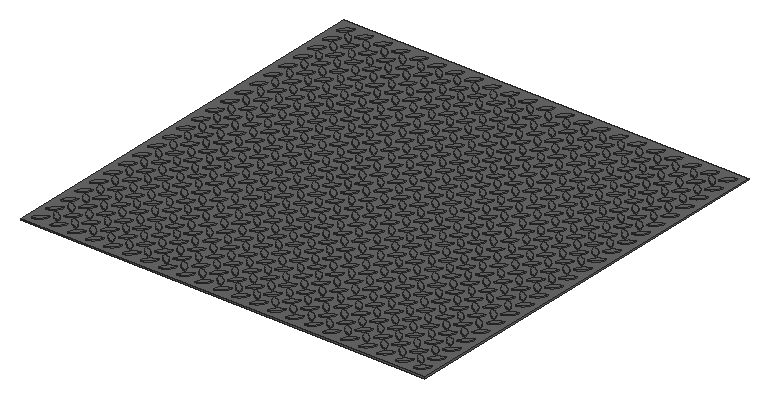
Revit family "141012021113804", category Modelos genéricos, Revit 2018 (continued)
Forms (mm)
  Blend 733, solid, material "Goma negro" <- "Material", detail levels fine
    base sketch origin (628.555, 1070.994, 0) x (0.707107, -0.707107, 0) y (0.707107, 0.707107, 0)
      loop
        arc (794.539, -290.22) -> (793.684, -289.773) -> (792.83, -290.22) r 1.041
    top sketch origin (628.555, 1070.994, 0) x (0.707107, -0.707107, 0) y (0.707107, 0.707107, 0)
      loop
        arc (792.83, -290.22) -> (787.479, -307.273) -> (792.83, -324.327) r 29.852
        arc (792.83, -324.327) -> (793.684, -324.773) -> (794.539, -324.327) r 1.041
        arc (794.539, -324.327) -> (799.889, -307.273) -> (794.539, -290.22) r 29.852
        arc (794.539, -290.22) -> (793.684, -289.773) -> (792.83, -290.22) r 1.041
    from 0 to 1
  Blend 734, solid, material "Goma negro" <- "Material", detail levels fine
    base sketch origin (583.555, 1070.994, 0) x (0.707107, -0.707107, 0) y (0.707107, 0.707107, 0)
      loop
        arc (792.83, -290.22) -> (787.479, -307.273) -> (792.83, -324.327) r 29.852
        arc (792.83, -324.327) -> (793.684, -324.773) -> (794.539, -324.327) r 1.041
        arc (794.539, -324.327) -> (799.889, -307.273) -> (794.539, -290.22) r 29.852
        arc (794.539, -290.22) -> (793.684, -289.773) -> (792.83, -290.22) r 1.041
    top sketch origin (583.555, 1070.994, 0) x (0.707107, -0.707107, 0) y (0.707107, 0.707107, 0)
      loop
        arc (792.83, -290.22) -> (787.479, -307.273) -> (792.83, -324.327) r 29.852
        arc (792.83, -324.327) -> (793.684, -324.773) -> (794.539, -324.327) r 1.041
        arc (794.539, -324.327) -> (799.889, -307.273) -> (794.539, -290.22) r 29.852
        arc (794.539, -290.22) -> (793.684, -289.773) -> (792.83, -290.22) r 1.041
    from 0 to 1
  Blend 735, solid, material "Goma negro" <- "Material", detail levels fine
    base sketch origin (1728.494, 658.945, 0) x (-0.707107, -0.707107, 0) y (0.707107, -0.707107, 0)
      loop
        arc (792.83, -290.22) -> (787.479, -307.273) -> (792.83, -324.327) r 29.852
        arc (792.83, -324.327) -> (793.684, -324.773) -> (794.539, -324.327) r 1.041
        arc (794.539, -324.327) -> (799.889, -307.273) -> (794.539, -290.22) r 29.852
        arc (794.539, -290.22) -> (793.684, -289.773) -> (792.83, -290.22) r 1.041
    top sketch origin (1728.494, 658.945, 0) x (-0.707107, -0.707107, 0) y (0.707107, -0.707107, 0)
      loop
        arc (792.83, -290.22) -> (787.479, -307.273) -> (792.83, -324.327) r 29.852
        arc (792.83, -324.327) -> (793.684, -324.773) -> (794.539, -324.327) r 1.041
        arc (794.539, -324.327) -> (799.889, -307.273) -> (794.539, -290.22) r 29.852
        arc (794.539, -290.22) -> (793.684, -289.773) -> (792.83, -290.22) r 1.041
    from 0 to 1
  Blend 736, solid, material "Goma negro" <- "Material", detail levels fine
    base sketch origin (538.555, 1070.994, 0) x (0.707107, -0.707107, 0) y (0.707107, 0.707107, 0)
      loop
        arc (792.83, -290.22) -> (787.479, -307.273) -> (792.83, -324.327) r 29.852
        arc (792.83, -324.327) -> (793.684, -324.773) -> (794.539, -324.327) r 1.041
        arc (794.539, -324.327) -> (799.889, -307.273) -> (794.539, -290.22) r 29.852
        arc (794.539, -290.22) -> (793.684, -289.773) -> (792.83, -290.22) r 1.041
    top sketch origin (538.555, 1070.994, 0) x (0.707107, -0.707107, 0) y (0.707107, 0.707107, 0)
      loop
        arc (792.83, -290.22) -> (787.479, -307.273) -> (792.83, -324.327) r 29.852
        arc (792.83, -324.327) -> (793.684, -324.773) -> (794.539, -324.327) r 1.041
        arc (794.539, -324.327) -> (799.889, -307.273) -> (794.539, -290.22) r 29.852
        arc (794.539, -290.22) -> (793.684, -289.773) -> (792.83, -290.22) r 1.041
    from 0 to 1
  Blend 737, solid, material "Goma negro" <- "Material", detail levels fine
    base sketch origin (1683.494, 658.945, 0) x (-0.707107, -0.707107, 0) y (0.707107, -0.707107, 0)
      loop
        arc (792.83, -290.22) -> (787.479, -307.273) -> (792.83, -324.327) r 29.852
        arc (792.83, -324.327) -> (793.684, -324.773) -> (794.539, -324.327) r 1.041
        arc (794.539, -324.327) -> (799.889, -307.273) -> (794.539, -290.22) r 29.852
        arc (794.539, -290.22) -> (793.684, -289.773) -> (792.83, -290.22) r 1.041
    top sketch origin (1683.494, 658.945, 0) x (-0.707107, -0.707107, 0) y (0.707107, -0.707107, 0)
      loop
        arc (792.83, -290.22) -> (787.479, -307.273) -> (792.83, -324.327) r 29.852
        arc (792.83, -324.327) -> (793.684, -324.773) -> (794.539, -324.327) r 1.041
        arc (794.539, -324.327) -> (799.889, -307.273) -> (794.539, -290.22) r 29.852
        arc (794.539, -290.22) -> (793.684, -289.773) -> (792.83, -290.22) r 1.041
    from 0 to 1
  Blend 738, solid, material "Goma negro" <- "Material", detail levels fine
    base sketch origin (493.555, 1070.994, 0) x (0.707107, -0.707107, 0) y (0.707107, 0.707107, 0)
      loop
        arc (792.83, -290.22) -> (787.479, -307.273) -> (792.83, -324.327) r 29.852
        arc (792.83, -324.327) -> (793.684, -324.773) -> (794.539, -324.327) r 1.041
        arc (794.539, -324.327) -> (799.889, -307.273) -> (794.539, -290.22) r 29.852
        arc (794.539, -290.22) -> (793.684, -289.773) -> (792.83, -290.22) r 1.041
    top sketch origin (493.555, 1070.994, 0) x (0.707107, -0.707107, 0) y (0.707107, 0.707107, 0)
      loop
        arc (792.83, -290.22) -> (787.479, -307.273) -> (792.83, -324.327) r 29.852
        arc (792.83, -324.327) -> (793.684, -324.773) -> (794.539, -324.327) r 1.041
        arc (794.539, -324.327) -> (799.889, -307.273) -> (794.539, -290.22) r 29.852
        arc (794.539, -290.22) -> (793.684, -289.773) -> (792.83, -290.22) r 1.041
    from 0 to 1
  Blend 739, solid, material "Goma negro" <- "Material", detail levels fine
    base sketch origin (1638.494, 658.945, 0) x (-0.707107, -0.707107, 0) y (0.707107, -0.707107, 0)
      loop
        arc (792.83, -290.22) -> (787.479, -307.273) -> (792.83, -324.327) r 29.852
        arc (792.83, -324.327) -> (793.684, -324.773) -> (794.539, -324.327) r 1.041
        arc (794.539, -324.327) -> (799.889, -307.273) -> (794.539, -290.22) r 29.852
        arc (794.539, -290.22) -> (793.684, -289.773) -> (792.83, -290.22) r 1.041
    top sketch origin (1638.494, 658.945, 0) x (-0.707107, -0.707107, 0) y (0.707107, -0.707107, 0)
      loop
        arc (792.83, -290.22) -> (787.479, -307.273) -> (792.83, -324.327) r 29.852
        arc (792.83, -324.327) -> (793.684, -324.773) -> (794.539, -324.327) r 1.041
        arc (794.539, -324.327) -> (799.889, -307.273) -> (794.539, -290.22) r 29.852
        arc (794.539, -290.22) -> (793.684, -289.773) -> (792.83, -290.22) r 1.041
    from 0 to 1
  Blend 740, solid, material "Goma negro" <- "Material", detail levels fine
    base sketch origin (448.555, 1070.994, 0) x (0.707107, -0.707107, 0) y (0.707107, 0.707107, 0)
      loop
        arc (792.83, -290.22) -> (787.479, -307.273) -> (792.83, -324.327) r 29.852
        arc (792.83, -324.327) -> (793.684, -324.773) -> (794.539, -324.327) r 1.041
        arc (794.539, -324.327) -> (799.889, -307.273) -> (794.539, -290.22) r 29.852
        arc (794.539, -290.22) -> (793.684, -289.773) -> (792.83, -290.22) r 1.041
    top sketch origin (448.555, 1070.994, 0) x (0.707107, -0.707107, 0) y (0.707107, 0.707107, 0)
      loop
        arc (792.83, -290.22) -> (787.479, -307.273) -> (792.83, -324.327) r 29.852
        arc (792.83, -324.327) -> (793.684, -324.773) -> (794.539, -324.327) r 1.041
        arc (794.539, -324.327) -> (799.889, -307.273) -> (794.539, -290.22) r 29.852
        arc (794.539, -290.22) -> (793.684, -289.773) -> (792.83, -290.22) r 1.041
    from 0 to 1
  Blend 741, solid, material "Goma negro" <- "Material", detail levels fine
    base sketch origin (1593.494, 658.945, 0) x (-0.707107, -0.707107, 0) y (0.707107, -0.707107, 0)
      loop
        arc (792.83, -290.22) -> (787.479, -307.273) -> (792.83, -324.327) r 29.852
        arc (792.83, -324.327) -> (793.684, -324.773) -> (794.539, -324.327) r 1.041
        arc (794.539, -324.327) -> (799.889, -307.273) -> (794.539, -290.22) r 29.852
        arc (794.539, -290.22) -> (793.684, -289.773) -> (792.83, -290.22) r 1.041
    top sketch origin (1593.494, 658.945, 0) x (-0.707107, -0.707107, 0) y (0.707107, -0.707107, 0)
      loop
        arc (792.83, -290.22) -> (787.479, -307.273) -> (792.83, -324.327) r 29.852
        arc (792.83, -324.327) -> (793.684, -324.773) -> (794.539, -324.327) r 1.041
        arc (794.539, -324.327) -> (799.889, -307.273) -> (794.539, -290.22) r 29.852
        arc (794.539, -290.22) -> (793.684, -289.773) -> (792.83, -290.22) r 1.041
    from 0 to 1
  Blend 742, solid, material "Goma negro" <- "Material", detail levels fine
    base sketch origin (403.555, 1070.994, 0) x (0.707107, -0.707107, 0) y (0.707107, 0.707107, 0)
      loop
        arc (792.83, -290.22) -> (787.479, -307.273) -> (792.83, -324.327) r 29.852
        arc (792.83, -324.327) -> (793.684, -324.773) -> (794.539, -324.327) r 1.041
        arc (794.539, -324.327) -> (799.889, -307.273) -> (794.539, -290.22) r 29.852
        arc (794.539, -290.22) -> (793.684, -289.773) -> (792.83, -290.22) r 1.041
    top sketch origin (403.555, 1070.994, 0) x (0.707107, -0.707107, 0) y (0.707107, 0.707107, 0)
      loop
        arc (792.83, -290.22) -> (787.479, -307.273) -> (792.83, -324.327) r 29.852
        arc (792.83, -324.327) -> (793.684, -324.773) -> (794.539, -324.327) r 1.041
        arc (794.539, -324.327) -> (799.889, -307.273) -> (794.539, -290.22) r 29.852
        arc (794.539, -290.22) -> (793.684, -289.773) -> (792.83, -290.22) r 1.041
    from 0 to 1
  Blend 743, solid, material "Goma negro" <- "Material", detail levels fine
    base sketch origin (1548.494, 658.945, 0) x (-0.707107, -0.707107, 0) y (0.707107, -0.707107, 0)
      loop
        arc (792.83, -290.22) -> (787.479, -307.273) -> (792.83, -324.327) r 29.852
        arc (792.83, -324.327) -> (793.684, -324.773) -> (794.539, -324.327) r 1.041
        arc (794.539, -324.327) -> (799.889, -307.273) -> (794.539, -290.22) r 29.852
        arc (794.539, -290.22) -> (793.684, -289.773) -> (792.83, -290.22) r 1.041
    top sketch origin (1548.494, 658.945, 0) x (-0.707107, -0.707107, 0) y (0.707107, -0.707107, 0)
      loop
        arc (792.83, -290.22) -> (787.479, -307.273) -> (792.83, -324.327) r 29.852
        arc (792.83, -324.327) -> (793.684, -324.773) -> (794.539, -324.327) r 1.041
        arc (794.539, -324.327) -> (799.889, -307.273) -> (794.539, -290.22) r 29.852
        arc (794.539, -290.22) -> (793.684, -289.773) -> (792.83, -290.22) r 1.041
    from 0 to 1
  Blend 744, solid, material "Goma negro" <- "Material", detail levels fine
    base sketch origin (358.555, 1070.994, 0) x (0.707107, -0.707107, 0) y (0.707107, 0.707107, 0)
      loop
        arc (792.83, -290.22) -> (787.479, -307.273) -> (792.83, -324.327) r 29.852
        arc (792.83, -324.327) -> (793.684, -324.773) -> (794.539, -324.327) r 1.041
        arc (794.539, -324.327) -> (799.889, -307.273) -> (794.539, -290.22) r 29.852
        arc (794.539, -290.22) -> (793.684, -289.773) -> (792.83, -290.22) r 1.041
    top sketch origin (358.555, 1070.994, 0) x (0.707107, -0.707107, 0) y (0.707107, 0.707107, 0)
      loop
        arc (792.83, -290.22) -> (787.479, -307.273) -> (792.83, -324.327) r 29.852
        arc (792.83, -324.327) -> (793.684, -324.773) -> (794.539, -324.327) r 1.041
        arc (794.539, -324.327) -> (799.889, -307.273) -> (794.539, -290.22) r 29.852
        arc (794.539, -290.22) -> (793.684, -289.773) -> (792.83, -290.22) r 1.041
    from 0 to 1
  Blend 745, solid, material "Goma negro" <- "Material", detail levels fine
    base sketch origin (1503.494, 658.945, 0) x (-0.707107, -0.707107, 0) y (0.707107, -0.707107, 0)
      loop
        arc (792.83, -290.22) -> (787.479, -307.273) -> (792.83, -324.327) r 29.852
        arc (792.83, -324.327) -> (793.684, -324.773) -> (794.539, -324.327) r 1.041
        arc (794.539, -324.327) -> (799.889, -307.273) -> (794.539, -290.22) r 29.852
        arc (794.539, -290.22) -> (793.684, -289.773) -> (792.83, -290.22) r 1.041
    top sketch origin (1503.494, 658.945, 0) x (-0.707107, -0.707107, 0) y (0.707107, -0.707107, 0)
      loop
        arc (792.83, -290.22) -> (787.479, -307.273) -> (792.83, -324.327) r 29.852
        arc (792.83, -324.327) -> (793.684, -324.773) -> (794.539, -324.327) r 1.041
        arc (794.539, -324.327) -> (799.889, -307.273) -> (794.539, -290.22) r 29.852
        arc (794.539, -290.22) -> (793.684, -289.773) -> (792.83, -290.22) r 1.041
    from 0 to 1
  Blend 746, solid, material "Goma negro" <- "Material", detail levels fine
    base sketch origin (313.555, 1070.994, 0) x (0.707107, -0.707107, 0) y (0.707107, 0.707107, 0)
      loop
        arc (792.83, -290.22) -> (787.479, -307.273) -> (792.83, -324.327) r 29.852
        arc (792.83, -324.327) -> (793.684, -324.773) -> (794.539, -324.327) r 1.041
        arc (794.539, -324.327) -> (799.889, -307.273) -> (794.539, -290.22) r 29.852
        arc (794.539, -290.22) -> (793.684, -289.773) -> (792.83, -290.22) r 1.041
    top sketch origin (313.555, 1070.994, 0) x (0.707107, -0.707107, 0) y (0.707107, 0.707107, 0)
      loop
        arc (792.83, -290.22) -> (787.479, -307.273) -> (792.83, -324.327) r 29.852
        arc (792.83, -324.327) -> (793.684, -324.773) -> (794.539, -324.327) r 1.041
        arc (794.539, -324.327) -> (799.889, -307.273) -> (794.539, -290.22) r 29.852
        arc (794.539, -290.22) -> (793.684, -289.773) -> (792.83, -290.22) r 1.041
    from 0 to 1
  Blend 747, solid, material "Goma negro" <- "Material", detail levels fine
    base sketch origin (1458.494, 658.945, 0) x (-0.707107, -0.707107, 0) y (0.707107, -0.707107, 0)
      loop
        arc (792.83, -290.22) -> (787.479, -307.273) -> (792.83, -324.327) r 29.852
        arc (792.83, -324.327) -> (793.684, -324.773) -> (794.539, -324.327) r 1.041
        arc (794.539, -324.327) -> (799.889, -307.273) -> (794.539, -290.22) r 29.852
        arc (794.539, -290.22) -> (793.684, -289.773) -> (792.83, -290.22) r 1.041
    top sketch origin (1458.494, 658.945, 0) x (-0.707107, -0.707107, 0) y (0.707107, -0.707107, 0)
      loop
        arc (792.83, -290.22) -> (787.479, -307.273) -> (792.83, -324.327) r 29.852
        arc (792.83, -324.327) -> (793.684, -324.773) -> (794.539, -324.327) r 1.041
        arc (794.539, -324.327) -> (799.889, -307.273) -> (794.539, -290.22) r 29.852
        arc (794.539, -290.22) -> (793.684, -289.773) -> (792.83, -290.22) r 1.041
    from 0 to 1
  Blend 748, solid, material "Goma negro" <- "Material", detail levels fine
    base sketch origin (268.555, 1070.994, 0) x (0.707107, -0.707107, 0) y (0.707107, 0.707107, 0)
      loop
        arc (792.83, -290.22) -> (787.479, -307.273) -> (792.83, -324.327) r 29.852
        arc (792.83, -324.327) -> (793.684, -324.773) -> (794.539, -324.327) r 1.041
        arc (794.539, -324.327) -> (799.889, -307.273) -> (794.539, -290.22) r 29.852
        arc (794.539, -290.22) -> (793.684, -289.773) -> (792.83, -290.22) r 1.041
    top sketch origin (268.555, 1070.994, 0) x (0.707107, -0.707107, 0) y (0.707107, 0.707107, 0)
      loop
        arc (792.83, -290.22) -> (787.479, -307.273) -> (792.83, -324.327) r 29.852
        arc (792.83, -324.327) -> (793.684, -324.773) -> (794.539, -324.327) r 1.041
        arc (794.539, -324.327) -> (799.889, -307.273) -> (794.539, -290.22) r 29.852
        arc (794.539, -290.22) -> (793.684, -289.773) -> (792.83, -290.22) r 1.041
    from 0 to 1
  Blend 749, solid, material "Goma negro" <- "Material", detail levels fine
    base sketch origin (1413.494, 658.945, 0) x (-0.707107, -0.707107, 0) y (0.707107, -0.707107, 0)
      loop
        arc (792.83, -290.22) -> (787.479, -307.273) -> (792.83, -324.327) r 29.852
        arc (792.83, -324.327) -> (793.684, -324.773) -> (794.539, -324.327) r 1.041
        arc (794.539, -324.327) -> (799.889, -307.273) -> (794.539, -290.22) r 29.852
        arc (794.539, -290.22) -> (793.684, -289.773) -> (792.83, -290.22) r 1.041
    top sketch origin (1413.494, 658.945, 0) x (-0.707107, -0.707107, 0) y (0.707107, -0.707107, 0)
      loop
        arc (792.83, -290.22) -> (787.479, -307.273) -> (792.83, -324.327) r 29.852
        arc (792.83, -324.327) -> (793.684, -324.773) -> (794.539, -324.327) r 1.041
        arc (794.539, -324.327) -> (799.889, -307.273) -> (794.539, -290.22) r 29.852
        arc (794.539, -290.22) -> (793.684, -289.773) -> (792.83, -290.22) r 1.041
    from 0 to 1
  Blend 750, solid, material "Goma negro" <- "Material", detail levels fine
    base sketch origin (223.555, 1070.994, 0) x (0.707107, -0.707107, 0) y (0.707107, 0.707107, 0)
      loop
        arc (792.83, -290.22) -> (787.479, -307.273) -> (792.83, -324.327) r 29.852
        arc (792.83, -324.327) -> (793.684, -324.773) -> (794.539, -324.327) r 1.041
        arc (794.539, -324.327) -> (799.889, -307.273) -> (794.539, -290.22) r 29.852
        arc (794.539, -290.22) -> (793.684, -289.773) -> (792.83, -290.22) r 1.041
    top sketch origin (223.555, 1070.994, 0) x (0.707107, -0.707107, 0) y (0.707107, 0.707107, 0)
      loop
        arc (792.83, -290.22) -> (787.479, -307.273) -> (792.83, -324.327) r 29.852
        arc (792.83, -324.327) -> (793.684, -324.773) -> (794.539, -324.327) r 1.041
        arc (794.539, -324.327) -> (799.889, -307.273) -> (794.539, -290.22) r 29.852
        arc (794.539, -290.22) -> (793.684, -289.773) -> (792.83, -290.22) r 1.041
    from 0 to 1
  Blend 751, solid, material "Goma negro" <- "Material", detail levels fine
    base sketch origin (1368.494, 658.945, 0) x (-0.707107, -0.707107, 0) y (0.707107, -0.707107, 0)
      loop
        arc (792.83, -290.22) -> (787.479, -307.273) -> (792.83, -324.327) r 29.852
        arc (792.83, -324.327) -> (793.684, -324.773) -> (794.539, -324.327) r 1.041
        arc (794.539, -324.327) -> (799.889, -307.273) -> (794.539, -290.22) r 29.852
        arc (794.539, -290.22) -> (793.684, -289.773) -> (792.83, -290.22) r 1.041
    top sketch origin (1368.494, 658.945, 0) x (-0.707107, -0.707107, 0) y (0.707107, -0.707107, 0)
      loop
        arc (792.83, -290.22) -> (787.479, -307.273) -> (792.83, -324.327) r 29.852
        arc (792.83, -324.327) -> (793.684, -324.773) -> (794.539, -324.327) r 1.041
        arc (794.539, -324.327) -> (799.889, -307.273) -> (794.539, -290.22) r 29.852
        arc (794.539, -290.22) -> (793.684, -289.773) -> (792.83, -290.22) r 1.041
    from 0 to 1
  Blend 752, solid, material "Goma negro" <- "Material", detail levels fine
    base sketch origin (178.555, 1070.994, 0) x (0.707107, -0.707107, 0) y (0.707107, 0.707107, 0)
      loop
        arc (792.83, -290.22) -> (787.479, -307.273) -> (792.83, -324.327) r 29.852
        arc (792.83, -324.327) -> (793.684, -324.773) -> (794.539, -324.327) r 1.041
        arc (794.539, -324.327) -> (799.889, -307.273) -> (794.539, -290.22) r 29.852
        arc (794.539, -290.22) -> (793.684, -289.773) -> (792.83, -290.22) r 1.041
    top sketch origin (178.555, 1070.994, 0) x (0.707107, -0.707107, 0) y (0.707107, 0.707107, 0)
      loop
        arc (792.83, -290.22) -> (787.479, -307.273) -> (792.83, -324.327) r 29.852
        arc (792.83, -324.327) -> (793.684, -324.773) -> (794.539, -324.327) r 1.041
        arc (794.539, -324.327) -> (799.889, -307.273) -> (794.539, -290.22) r 29.852
        arc (794.539, -290.22) -> (793.684, -289.773) -> (792.83, -290.22) r 1.041
    from 0 to 1
  Blend 753, solid, material "Goma negro" <- "Material", detail levels fine
    base sketch origin (1323.494, 658.945, 0) x (-0.707107, -0.707107, 0) y (0.707107, -0.707107, 0)
      loop
        arc (792.83, -290.22) -> (787.479, -307.273) -> (792.83, -324.327) r 29.852
        arc (792.83, -324.327) -> (793.684, -324.773) -> (794.539, -324.327) r 1.041
        arc (794.539, -324.327) -> (799.889, -307.273) -> (794.539, -290.22) r 29.852
        arc (794.539, -290.22) -> (793.684, -289.773) -> (792.83, -290.22) r 1.041
    top sketch origin (1323.494, 658.945, 0) x (-0.707107, -0.707107, 0) y (0.707107, -0.707107, 0)
      loop
        arc (792.83, -290.22) -> (787.479, -307.273) -> (792.83, -324.327) r 29.852
        arc (792.83, -324.327) -> (793.684, -324.773) -> (794.539, -324.327) r 1.041
        arc (794.539, -324.327) -> (799.889, -307.273) -> (794.539, -290.22) r 29.852
        arc (794.539, -290.22) -> (793.684, -289.773) -> (792.83, -290.22) r 1.041
    from 0 to 1
  Blend 754, solid, material "Goma negro" <- "Material", detail levels fine
    base sketch origin (133.555, 1070.994, 0) x (0.707107, -0.707107, 0) y (0.707107, 0.707107, 0)
      loop
        arc (792.83, -290.22) -> (787.479, -307.273) -> (792.83, -324.327) r 29.852
        arc (792.83, -324.327) -> (793.684, -324.773) -> (794.539, -324.327) r 1.041
        arc (794.539, -324.327) -> (799.889, -307.273) -> (794.539, -290.22) r 29.852
        arc (794.539, -290.22) -> (793.684, -289.773) -> (792.83, -290.22) r 1.041
    top sketch origin (133.555, 1070.994, 0) x (0.707107, -0.707107, 0) y (0.707107, 0.707107, 0)
      loop
        arc (792.83, -290.22) -> (787.479, -307.273) -> (792.83, -324.327) r 29.852
        arc (792.83, -324.327) -> (793.684, -324.773) -> (794.539, -324.327) r 1.041
        arc (794.539, -324.327) -> (799.889, -307.273) -> (794.539, -290.22) r 29.852
        arc (794.539, -290.22) -> (793.684, -289.773) -> (792.83, -290.22) r 1.041
    from 0 to 1
  Blend 755, solid, material "Goma negro" <- "Material", detail levels fine
    base sketch origin (1278.494, 658.945, 0) x (-0.707107, -0.707107, 0) y (0.707107, -0.707107, 0)
      loop
        arc (792.83, -290.22) -> (787.479, -307.273) -> (792.83, -324.327) r 29.852
        arc (792.83, -324.327) -> (793.684, -324.773) -> (794.539, -324.327) r 1.041
        arc (794.539, -324.327) -> (799.889, -307.273) -> (794.539, -290.22) r 29.852
        arc (794.539, -290.22) -> (793.684, -289.773) -> (792.83, -290.22) r 1.041
    top sketch origin (1278.494, 658.945, 0) x (-0.707107, -0.707107, 0) y (0.707107, -0.707107, 0)
      loop
        arc (792.83, -290.22) -> (787.479, -307.273) -> (792.83, -324.327) r 29.852
        arc (792.83, -324.327) -> (793.684, -324.773) -> (794.539, -324.327) r 1.041
        arc (794.539, -324.327) -> (799.889, -307.273) -> (794.539, -290.22) r 29.852
        arc (794.539, -290.22) -> (793.684, -289.773) -> (792.83, -290.22) r 1.041
    from 0 to 1
  Blend 756, solid, material "Goma negro" <- "Material", detail levels fine
    base sketch origin (88.555, 1070.994, 0) x (0.707107, -0.707107, 0) y (0.707107, 0.707107, 0)
      loop
        arc (792.83, -290.22) -> (787.479, -307.273) -> (792.83, -324.327) r 29.852
        arc (792.83, -324.327) -> (793.684, -324.773) -> (794.539, -324.327) r 1.041
        arc (794.539, -324.327) -> (799.889, -307.273) -> (794.539, -290.22) r 29.852
        arc (794.539, -290.22) -> (793.684, -289.773) -> (792.83, -290.22) r 1.041
    top sketch origin (88.555, 1070.994, 0) x (0.707107, -0.707107, 0) y (0.707107, 0.707107, 0)
      loop
        arc (792.83, -290.22) -> (787.479, -307.273) -> (792.83, -324.327) r 29.852
        arc (792.83, -324.327) -> (793.684, -324.773) -> (794.539, -324.327) r 1.041
        arc (794.539, -324.327) -> (799.889, -307.273) -> (794.539, -290.22) r 29.852
        arc (794.539, -290.22) -> (793.684, -289.773) -> (792.83, -290.22) r 1.041
    from 0 to 1
  Blend 757, solid, material "Goma negro" <- "Material", detail levels fine
    base sketch origin (1233.494, 658.945, 0) x (-0.707107, -0.707107, 0) y (0.707107, -0.707107, 0)
      loop
        arc (792.83, -290.22) -> (787.479, -307.273) -> (792.83, -324.327) r 29.852
        arc (792.83, -324.327) -> (793.684, -324.773) -> (794.539, -324.327) r 1.041
        arc (794.539, -324.327) -> (799.889, -307.273) -> (794.539, -290.22) r 29.852
        arc (794.539, -290.22) -> (793.684, -289.773) -> (792.83, -290.22) r 1.041
    top sketch origin (1233.494, 658.945, 0) x (-0.707107, -0.707107, 0) y (0.707107, -0.707107, 0)
      loop
        arc (792.83, -290.22) -> (787.479, -307.273) -> (792.83, -324.327) r 29.852
        arc (792.83, -324.327) -> (793.684, -324.773) -> (794.539, -324.327) r 1.041
        arc (794.539, -324.327) -> (799.889, -307.273) -> (794.539, -290.22) r 29.852
        arc (794.539, -290.22) -> (793.684, -289.773) -> (792.83, -290.22) r 1.041
    from 0 to 1
  Blend 758, solid, material "Goma negro" <- "Material", detail levels fine
    base sketch origin (43.555, 1070.994, 0) x (0.707107, -0.707107, 0) y (0.707107, 0.707107, 0)
      loop
        arc (792.83, -290.22) -> (787.479, -307.273) -> (792.83, -324.327) r 29.852
        arc (792.83, -324.327) -> (793.684, -324.773) -> (794.539, -324.327) r 1.041
        arc (794.539, -324.327) -> (799.889, -307.273) -> (794.539, -290.22) r 29.852
        arc (794.539, -290.22) -> (793.684, -289.773) -> (792.83, -290.22) r 1.041
    top sketch origin (43.555, 1070.994, 0) x (0.707107, -0.707107, 0) y (0.707107, 0.707107, 0)
      loop
        arc (792.83, -290.22) -> (787.479, -307.273) -> (792.83, -324.327) r 29.852
        arc (792.83, -324.327) -> (793.684, -324.773) -> (794.539, -324.327) r 1.041
        arc (794.539, -324.327) -> (799.889, -307.273) -> (794.539, -290.22) r 29.852
        arc (794.539, -290.22) -> (793.684, -289.773) -> (792.83, -290.22) r 1.041
    from 0 to 1
  Blend 759, solid, material "Goma negro" <- "Material", detail levels fine
    base sketch origin (1188.494, 658.945, 0) x (-0.707107, -0.707107, 0) y (0.707107, -0.707107, 0)
      loop
        arc (792.83, -290.22) -> (787.479, -307.273) -> (792.83, -324.327) r 29.852
        arc (792.83, -324.327) -> (793.684, -324.773) -> (794.539, -324.327) r 1.041
        arc (794.539, -324.327) -> (799.889, -307.273) -> (794.539, -290.22) r 29.852
        arc (794.539, -290.22) -> (793.684, -289.773) -> (792.83, -290.22) r 1.041
    top sketch origin (1188.494, 658.945, 0) x (-0.707107, -0.707107, 0) y (0.707107, -0.707107, 0)
      loop
        arc (792.83, -290.22) -> (787.479, -307.273) -> (792.83, -324.327) r 29.852
        arc (792.83, -324.327) -> (793.684, -324.773) -> (794.539, -324.327) r 1.041
        arc (794.539, -324.327) -> (799.889, -307.273) -> (794.539, -290.22) r 29.852
        arc (794.539, -290.22) -> (793.684, -289.773) -> (792.83, -290.22) r 1.041
    from 0 to 1
  Blend 760, solid, material "Goma negro" <- "Material", detail levels fine
    base sketch origin (-1.445, 1070.994, 0) x (0.707107, -0.707107, 0) y (0.707107, 0.707107, 0)
      loop
        arc (792.83, -290.22) -> (787.479, -307.273) -> (792.83, -324.327) r 29.852
        arc (792.83, -324.327) -> (793.684, -324.773) -> (794.539, -324.327) r 1.041
        arc (794.539, -324.327) -> (799.889, -307.273) -> (794.539, -290.22) r 29.852
        arc (794.539, -290.22) -> (793.684, -289.773) -> (792.83, -290.22) r 1.041
    top sketch origin (-1.445, 1070.994, 0) x (0.707107, -0.707107, 0) y (0.707107, 0.707107, 0)
      loop
        arc (792.83, -290.22) -> (787.479, -307.273) -> (792.83, -324.327) r 29.852
        arc (792.83, -324.327) -> (793.684, -324.773) -> (794.539, -324.327) r 1.041
        arc (794.539, -324.327) -> (799.889, -307.273) -> (794.539, -290.22) r 29.852
        arc (794.539, -290.22) -> (793.684, -289.773) -> (792.83, -290.22) r 1.041
    from 0 to 1
  Blend 761, solid, material "Goma negro" <- "Material", detail levels fine
    base sketch origin (1143.494, 658.945, 0) x (-0.707107, -0.707107, 0) y (0.707107, -0.707107, 0)
      loop
        arc (792.83, -290.22) -> (787.479, -307.273) -> (792.83, -324.327) r 29.852
        arc (792.83, -324.327) -> (793.684, -324.773) -> (794.539, -324.327) r 1.041
        arc (794.539, -324.327) -> (799.889, -307.273) -> (794.539, -290.22) r 29.852
        arc (794.539, -290.22) -> (793.684, -289.773) -> (792.83, -290.22) r 1.041
    top sketch origin (1143.494, 658.945, 0) x (-0.707107, -0.707107, 0) y (0.707107, -0.707107, 0)
      loop
        arc (792.83, -290.22) -> (787.479, -307.273) -> (792.83, -324.327) r 29.852
        arc (792.83, -324.327) -> (793.684, -324.773) -> (794.539, -324.327) r 1.041
        arc (794.539, -324.327) -> (799.889, -307.273) -> (794.539, -290.22) r 29.852
        arc (794.539, -290.22) -> (793.684, -289.773) -> (792.83, -290.22) r 1.041
    from 0 to 1
  Blend 762, solid, material "Goma negro" <- "Material", detail levels fine
    base sketch origin (-46.445, 1070.994, 0) x (0.707107, -0.707107, 0) y (0.707107, 0.707107, 0)
      loop
        arc (792.83, -290.22) -> (787.479, -307.273) -> (792.83, -324.327) r 29.852
        arc (792.83, -324.327) -> (793.684, -324.773) -> (794.539, -324.327) r 1.041
        arc (794.539, -324.327) -> (799.889, -307.273) -> (794.539, -290.22) r 29.852
        arc (794.539, -290.22) -> (793.684, -289.773) -> (792.83, -290.22) r 1.041
    top sketch origin (-46.445, 1070.994, 0) x (0.707107, -0.707107, 0) y (0.707107, 0.707107, 0)
      loop
        arc (792.83, -290.22) -> (787.479, -307.273) -> (792.83, -324.327) r 29.852
        arc (792.83, -324.327) -> (793.684, -324.773) -> (794.539, -324.327) r 1.041
        arc (794.539, -324.327) -> (799.889, -307.273) -> (794.539, -290.22) r 29.852
        arc (794.539, -290.22) -> (793.684, -289.773) -> (792.83, -290.22) r 1.041
    from 0 to 1
  Blend 763, solid, material "Goma negro" <- "Material", detail levels fine
    base sketch origin (1098.494, 658.945, 0) x (-0.707107, -0.707107, 0) y (0.707107, -0.707107, 0)
      loop
        arc (792.83, -290.22) -> (787.479, -307.273) -> (792.83, -324.327) r 29.852
        arc (792.83, -324.327) -> (793.684, -324.773) -> (794.539, -324.327) r 1.041
        arc (794.539, -324.327) -> (799.889, -307.273) -> (794.539, -290.22) r 29.852
        arc (794.539, -290.22) -> (793.684, -289.773) -> (792.83, -290.22) r 1.041
    top sketch origin (1098.494, 658.945, 0) x (-0.707107, -0.707107, 0) y (0.707107, -0.707107, 0)
      loop
        arc (792.83, -290.22) -> (787.479, -307.273) -> (792.83, -324.327) r 29.852
        arc (792.83, -324.327) -> (793.684, -324.773) -> (794.539, -324.327) r 1.041
        arc (794.539, -324.327) -> (799.889, -307.273) -> (794.539, -290.22) r 29.852
        arc (794.539, -290.22) -> (793.684, -289.773) -> (792.83, -290.22) r 1.041
    from 0 to 1
  Blend 764, solid, material "Goma negro" <- "Material", detail levels fine
    base sketch origin (-91.445, 1070.994, 0) x (0.707107, -0.707107, 0) y (0.707107, 0.707107, 0)
      loop
        arc (792.83, -290.22) -> (787.479, -307.273) -> (792.83, -324.327) r 29.852
        arc (792.83, -324.327) -> (793.684, -324.773) -> (794.539, -324.327) r 1.041
        arc (794.539, -324.327) -> (799.889, -307.273) -> (794.539, -290.22) r 29.852
        arc (794.539, -290.22) -> (793.684, -289.773) -> (792.83, -290.22) r 1.041
    top sketch origin (-91.445, 1070.994, 0) x (0.707107, -0.707107, 0) y (0.707107, 0.707107, 0)
      loop
        arc (792.83, -290.22) -> (787.479, -307.273) -> (792.83, -324.327) r 29.852
        arc (792.83, -324.327) -> (793.684, -324.773) -> (794.539, -324.327) r 1.041
        arc (794.539, -324.327) -> (799.889, -307.273) -> (794.539, -290.22) r 29.852
        arc (794.539, -290.22) -> (793.684, -289.773) -> (792.83, -290.22) r 1.041
    from 0 to 1
  Blend 765, solid, material "Goma negro" <- "Material", detail levels fine
    base sketch origin (1053.494, 658.945, 0) x (-0.707107, -0.707107, 0) y (0.707107, -0.707107, 0)
      loop
        arc (792.83, -290.22) -> (787.479, -307.273) -> (792.83, -324.327) r 29.852
        arc (792.83, -324.327) -> (793.684, -324.773) -> (794.539, -324.327) r 1.041
        arc (794.539, -324.327) -> (799.889, -307.273) -> (794.539, -290.22) r 29.852
        arc (794.539, -290.22) -> (793.684, -289.773) -> (792.83, -290.22) r 1.041
    top sketch origin (1053.494, 658.945, 0) x (-0.707107, -0.707107, 0) y (0.707107, -0.707107, 0)
      loop
        arc (792.83, -290.22) -> (787.479, -307.273) -> (792.83, -324.327) r 29.852
        arc (792.83, -324.327) -> (793.684, -324.773) -> (794.539, -324.327) r 1.041
        arc (794.539, -324.327) -> (799.889, -307.273) -> (794.539, -290.22) r 29.852
        arc (794.539, -290.22) -> (793.684, -289.773) -> (792.83, -290.22) r 1.041
    from 0 to 1
  Blend 766, solid, material "Goma negro" <- "Material", detail levels fine
    base sketch origin (-136.445, 1070.994, 0) x (0.707107, -0.707107, 0) y (0.707107, 0.707107, 0)
      loop
        arc (792.83, -290.22) -> (787.479, -307.273) -> (792.83, -324.327) r 29.852
        arc (792.83, -324.327) -> (793.684, -324.773) -> (794.539, -324.327) r 1.041
        arc (794.539, -324.327) -> (799.889, -307.273) -> (794.539, -290.22) r 29.852
        arc (794.539, -290.22) -> (793.684, -289.773) -> (792.83, -290.22) r 1.041
    top sketch origin (-136.445, 1070.994, 0) x (0.707107, -0.707107, 0) y (0.707107, 0.707107, 0)
      loop
        arc (792.83, -290.22) -> (787.479, -307.273) -> (792.83, -324.327) r 29.852
        arc (792.83, -324.327) -> (793.684, -324.773) -> (794.539, -324.327) r 1.041
        arc (794.539, -324.327) -> (799.889, -307.273) -> (794.539, -290.22) r 29.852
        arc (794.539, -290.22) -> (793.684, -289.773) -> (792.83, -290.22) r 1.041
    from 0 to 1
  Blend 767, solid, material "Goma negro" <- "Material", detail levels fine
    base sketch origin (1008.494, 658.945, 0) x (-0.707107, -0.707107, 0) y (0.707107, -0.707107, 0)
      loop
        arc (792.83, -290.22) -> (787.479, -307.273) -> (792.83, -324.327) r 29.852
        arc (792.83, -324.327) -> (793.684, -324.773) -> (794.539, -324.327) r 1.041
        arc (794.539, -324.327) -> (799.889, -307.273) -> (794.539, -290.22) r 29.852
        arc (794.539, -290.22) -> (793.684, -289.773) -> (792.83, -290.22) r 1.041
    top sketch origin (1008.494, 658.945, 0) x (-0.707107, -0.707107, 0) y (0.707107, -0.707107, 0)
      loop
        arc (792.83, -290.22) -> (787.479, -307.273) -> (792.83, -324.327) r 29.852
        arc (792.83, -324.327) -> (793.684, -324.773) -> (794.539, -324.327) r 1.041
        arc (794.539, -324.327) -> (799.889, -307.273) -> (794.539, -290.22) r 29.852
        arc (794.539, -290.22) -> (793.684, -289.773) -> (792.83, -290.22) r 1.041
    from 0 to 1
  Blend 768, solid, material "Goma negro" <- "Material", detail levels fine
    base sketch origin (-181.445, 1070.994, 0) x (0.707107, -0.707107, 0) y (0.707107, 0.707107, 0)
      loop
        arc (792.83, -290.22) -> (787.479, -307.273) -> (792.83, -324.327) r 29.852
        arc (792.83, -324.327) -> (793.684, -324.773) -> (794.539, -324.327) r 1.041
        arc (794.539, -324.327) -> (799.889, -307.273) -> (794.539, -290.22) r 29.852
        arc (794.539, -290.22) -> (793.684, -289.773) -> (792.83, -290.22) r 1.041
    top sketch origin (-181.445, 1070.994, 0) x (0.707107, -0.707107, 0) y (0.707107, 0.707107, 0)
      loop
        arc (792.83, -290.22) -> (787.479, -307.273) -> (792.83, -324.327) r 29.852
        arc (792.83, -324.327) -> (793.684, -324.773) -> (794.539, -324.327) r 1.041
        arc (794.539, -324.327) -> (799.889, -307.273) -> (794.539, -290.22) r 29.852
        arc (794.539, -290.22) -> (793.684, -289.773) -> (792.83, -290.22) r 1.041
    from 0 to 1
  Blend 769, solid, material "Goma negro" <- "Material", detail levels fine
    base sketch origin (963.494, 658.945, 0) x (-0.707107, -0.707107, 0) y (0.707107, -0.707107, 0)
      loop
        arc (792.83, -290.22) -> (787.479, -307.273) -> (792.83, -324.327) r 29.852
        arc (792.83, -324.327) -> (793.684, -324.773) -> (794.539, -324.327) r 1.041
        arc (794.539, -324.327) -> (799.889, -307.273) -> (794.539, -290.22) r 29.852
        arc (794.539, -290.22) -> (793.684, -289.773) -> (792.83, -290.22) r 1.041
    top sketch origin (963.494, 658.945, 0) x (-0.707107, -0.707107, 0) y (0.707107, -0.707107, 0)
      loop
        arc (792.83, -290.22) -> (787.479, -307.273) -> (792.83, -324.327) r 29.852
        arc (792.83, -324.327) -> (793.684, -324.773) -> (794.539, -324.327) r 1.041
        arc (794.539, -324.327) -> (799.889, -307.273) -> (794.539, -290.22) r 29.852
        arc (794.539, -290.22) -> (793.684, -289.773) -> (792.83, -290.22) r 1.041
    from 0 to 1
  Blend 770, solid, material "Goma negro" <- "Material", detail levels fine
    base sketch origin (-226.445, 1070.994, 0) x (0.707107, -0.707107, 0) y (0.707107, 0.707107, 0)
      loop
        arc (792.83, -290.22) -> (787.479, -307.273) -> (792.83, -324.327) r 29.852
        arc (792.83, -324.327) -> (793.684, -324.773) -> (794.539, -324.327) r 1.041
        arc (794.539, -324.327) -> (799.889, -307.273) -> (794.539, -290.22) r 29.852
        arc (794.539, -290.22) -> (793.684, -289.773) -> (792.83, -290.22) r 1.041
    top sketch origin (-226.445, 1070.994, 0) x (0.707107, -0.707107, 0) y (0.707107, 0.707107, 0)
      loop
        arc (792.83, -290.22) -> (787.479, -307.273) -> (792.83, -324.327) r 29.852
        arc (792.83, -324.327) -> (793.684, -324.773) -> (794.539, -324.327) r 1.041
        arc (794.539, -324.327) -> (799.889, -307.273) -> (794.539, -290.22) r 29.852
        arc (794.539, -290.22) -> (793.684, -289.773) -> (792.83, -290.22) r 1.041
    from 0 to 1
  Blend 771, solid, material "Goma negro" <- "Material", detail levels fine
    base sketch origin (918.494, 658.945, 0) x (-0.707107, -0.707107, 0) y (0.707107, -0.707107, 0)
      loop
        arc (792.83, -290.22) -> (787.479, -307.273) -> (792.83, -324.327) r 29.852
        arc (792.83, -324.327) -> (793.684, -324.773) -> (794.539, -324.327) r 1.041
        arc (794.539, -324.327) -> (799.889, -307.273) -> (794.539, -290.22) r 29.852
        arc (794.539, -290.22) -> (793.684, -289.773) -> (792.83, -290.22) r 1.041
    top sketch origin (918.494, 658.945, 0) x (-0.707107, -0.707107, 0) y (0.707107, -0.707107, 0)
      loop
        arc (792.83, -290.22) -> (787.479, -307.273) -> (792.83, -324.327) r 29.852
        arc (792.83, -324.327) -> (793.684, -324.773) -> (794.539, -324.327) r 1.041
        arc (794.539, -324.327) -> (799.889, -307.273) -> (794.539, -290.22) r 29.852
        arc (794.539, -290.22) -> (793.684, -289.773) -> (792.83, -290.22) r 1.041
    from 0 to 1
  Blend 772, solid, material "Goma negro" <- "Material", detail levels fine
    base sketch origin (-271.445, 1070.994, 0) x (0.707107, -0.707107, 0) y (0.707107, 0.707107, 0)
      loop
        arc (792.83, -290.22) -> (787.479, -307.273) -> (792.83, -324.327) r 29.852
        arc (792.83, -324.327) -> (793.684, -324.773) -> (794.539, -324.327) r 1.041
        arc (794.539, -324.327) -> (799.889, -307.273) -> (794.539, -290.22) r 29.852
        arc (794.539, -290.22) -> (793.684, -289.773) -> (792.83, -290.22) r 1.041
    top sketch origin (-271.445, 1070.994, 0) x (0.707107, -0.707107, 0) y (0.707107, 0.707107, 0)
      loop
        arc (792.83, -290.22) -> (787.479, -307.273) -> (792.83, -324.327) r 29.852
        arc (792.83, -324.327) -> (793.684, -324.773) -> (794.539, -324.327) r 1.041
        arc (794.539, -324.327) -> (799.889, -307.273) -> (794.539, -290.22) r 29.852
        arc (794.539, -290.22) -> (793.684, -289.773) -> (792.83, -290.22) r 1.041
    from 0 to 1
  Blend 773, solid, material "Goma negro" <- "Material", detail levels fine
    base sketch origin (873.494, 658.945, 0) x (-0.707107, -0.707107, 0) y (0.707107, -0.707107, 0)
      loop
        arc (792.83, -290.22) -> (787.479, -307.273) -> (792.83, -324.327) r 29.852
        arc (792.83, -324.327) -> (793.684, -324.773) -> (794.539, -324.327) r 1.041
        arc (794.539, -324.327) -> (799.889, -307.273) -> (794.539, -290.22) r 29.852
        arc (794.539, -290.22) -> (793.684, -289.773) -> (792.83, -290.22) r 1.041
    top sketch origin (873.494, 658.945, 0) x (-0.707107, -0.707107, 0) y (0.707107, -0.707107, 0)
      loop
        arc (792.83, -290.22) -> (787.479, -307.273) -> (792.83, -324.327) r 29.852
        arc (792.83, -324.327) -> (793.684, -324.773) -> (794.539, -324.327) r 1.041
        arc (794.539, -324.327) -> (799.889, -307.273) -> (794.539, -290.22) r 29.852
        arc (794.539, -290.22) -> (793.684, -289.773) -> (792.83, -290.22) r 1.041
    from 0 to 1
  Blend 774, solid, material "Goma negro" <- "Material", detail levels fine
    base sketch origin (-316.445, 1070.994, 0) x (0.707107, -0.707107, 0) y (0.707107, 0.707107, 0)
      loop
        arc (792.83, -290.22) -> (787.479, -307.273) -> (792.83, -324.327) r 29.852
        arc (792.83, -324.327) -> (793.684, -324.773) -> (794.539, -324.327) r 1.041
        arc (794.539, -324.327) -> (799.889, -307.273) -> (794.539, -290.22) r 29.852
        arc (794.539, -290.22) -> (793.684, -289.773) -> (792.83, -290.22) r 1.041
    top sketch origin (-316.445, 1070.994, 0) x (0.707107, -0.707107, 0) y (0.707107, 0.707107, 0)
      loop
        arc (792.83, -290.22) -> (787.479, -307.273) -> (792.83, -324.327) r 29.852
        arc (792.83, -324.327) -> (793.684, -324.773) -> (794.539, -324.327) r 1.041
        arc (794.539, -324.327) -> (799.889, -307.273) -> (794.539, -290.22) r 29.852
        arc (794.539, -290.22) -> (793.684, -289.773) -> (792.83, -290.22) r 1.041
    from 0 to 1
  Blend 775, solid, material "Goma negro" <- "Material", detail levels fine
    base sketch origin (828.494, 658.945, 0) x (-0.707107, -0.707107, 0) y (0.707107, -0.707107, 0)
      loop
        arc (792.83, -290.22) -> (787.479, -307.273) -> (792.83, -324.327) r 29.852
        arc (792.83, -324.327) -> (793.684, -324.773) -> (794.539, -324.327) r 1.041
        arc (794.539, -324.327) -> (799.889, -307.273) -> (794.539, -290.22) r 29.852
        arc (794.539, -290.22) -> (793.684, -289.773) -> (792.83, -290.22) r 1.041
    top sketch origin (828.494, 658.945, 0) x (-0.707107, -0.707107, 0) y (0.707107, -0.707107, 0)
      loop
        arc (792.83, -290.22) -> (787.479, -307.273) -> (792.83, -324.327) r 29.852
        arc (792.83, -324.327) -> (793.684, -324.773) -> (794.539, -324.327) r 1.041
        arc (794.539, -324.327) -> (799.889, -307.273) -> (794.539, -290.22) r 29.852
        arc (794.539, -290.22) -> (793.684, -289.773) -> (792.83, -290.22) r 1.041
    from 0 to 1
  Blend 776, solid, material "Goma negro" <- "Material", detail levels fine
    base sketch origin (628.555, 1115.994, 0) x (0.707107, -0.707107, 0) y (0.707107, 0.707107, 0)
      loop
        arc (792.83, -290.22) -> (787.479, -307.273) -> (792.83, -324.327) r 29.852
        arc (792.83, -324.327) -> (793.684, -324.773) -> (794.539, -324.327) r 1.041
        arc (794.539, -324.327) -> (799.889, -307.273) -> (794.539, -290.22) r 29.852
        arc (794.539, -290.22) -> (793.684, -289.773) -> (792.83, -290.22) r 1.041
    top sketch origin (628.555, 1115.994, 0) x (0.707107, -0.707107, 0) y (0.707107, 0.707107, 0)
      loop
        arc (792.83, -290.22) -> (787.479, -307.273) -> (792.83, -324.327) r 29.852
        arc (792.83, -324.327) -> (793.684, -324.773) -> (794.539, -324.327) r 1.041
        arc (794.539, -324.327) -> (799.889, -307.273) -> (794.539, -290.22) r 29.852
        arc (794.539, -290.22) -> (793.684, -289.773) -> (792.83, -290.22) r 1.041
    from 0 to 1
  Blend 777, solid, material "Goma negro" <- "Material", detail levels fine
    base sketch origin (583.555, 1115.994, 0) x (0.707107, -0.707107, 0) y (0.707107, 0.707107, 0)
      loop
        arc (792.83, -290.22) -> (787.479, -307.273) -> (792.83, -324.327) r 29.852
        arc (792.83, -324.327) -> (793.684, -324.773) -> (794.539, -324.327) r 1.041
        arc (794.539, -324.327) -> (799.889, -307.273) -> (794.539, -290.22) r 29.852
        arc (794.539, -290.22) -> (793.684, -289.773) -> (792.83, -290.22) r 1.041
    top sketch origin (583.555, 1115.994, 0) x (0.707107, -0.707107, 0) y (0.707107, 0.707107, 0)
      loop
        arc (792.83, -290.22) -> (787.479, -307.273) -> (792.83, -324.327) r 29.852
        arc (792.83, -324.327) -> (793.684, -324.773) -> (794.539, -324.327) r 1.041
        arc (794.539, -324.327) -> (799.889, -307.273) -> (794.539, -290.22) r 29.852
        arc (794.539, -290.22) -> (793.684, -289.773) -> (792.83, -290.22) r 1.041
    from 0 to 1
  Blend 778, solid, material "Goma negro" <- "Material", detail levels fine
    base sketch origin (1728.494, 703.945, 0) x (-0.707107, -0.707107, 0) y (0.707107, -0.707107, 0)
      loop
        arc (792.83, -290.22) -> (787.479, -307.273) -> (792.83, -324.327) r 29.852
        arc (792.83, -324.327) -> (793.684, -324.773) -> (794.539, -324.327) r 1.041
        arc (794.539, -324.327) -> (799.889, -307.273) -> (794.539, -290.22) r 29.852
        arc (794.539, -290.22) -> (793.684, -289.773) -> (792.83, -290.22) r 1.041
    top sketch origin (1728.494, 703.945, 0) x (-0.707107, -0.707107, 0) y (0.707107, -0.707107, 0)
      loop
        arc (792.83, -290.22) -> (787.479, -307.273) -> (792.83, -324.327) r 29.852
        arc (792.83, -324.327) -> (793.684, -324.773) -> (794.539, -324.327) r 1.041
        arc (794.539, -324.327) -> (799.889, -307.273) -> (794.539, -290.22) r 29.852
        arc (794.539, -290.22) -> (793.684, -289.773) -> (792.83, -290.22) r 1.041
    from 0 to 1
  Blend 779, solid, material "Goma negro" <- "Material", detail levels fine
    base sketch origin (538.555, 1115.994, 0) x (0.707107, -0.707107, 0) y (0.707107, 0.707107, 0)
      loop
        arc (792.83, -290.22) -> (787.479, -307.273) -> (792.83, -324.327) r 29.852
        arc (792.83, -324.327) -> (793.684, -324.773) -> (794.539, -324.327) r 1.041
        arc (794.539, -324.327) -> (799.889, -307.273) -> (794.539, -290.22) r 29.852
        arc (794.539, -290.22) -> (793.684, -289.773) -> (792.83, -290.22) r 1.041
    top sketch origin (538.555, 1115.994, 0) x (0.707107, -0.707107, 0) y (0.707107, 0.707107, 0)
      loop
        arc (792.83, -290.22) -> (787.479, -307.273) -> (792.83, -324.327) r 29.852
        arc (792.83, -324.327) -> (793.684, -324.773) -> (794.539, -324.327) r 1.041
        arc (794.539, -324.327) -> (799.889, -307.273) -> (794.539, -290.22) r 29.852
        arc (794.539, -290.22) -> (793.684, -289.773) -> (792.83, -290.22) r 1.041
    from 0 to 1
  Blend 780, solid, material "Goma negro" <- "Material", detail levels fine
    base sketch origin (1683.494, 703.945, 0) x (-0.707107, -0.707107, 0) y (0.707107, -0.707107, 0)
      loop
        arc (792.83, -290.22) -> (787.479, -307.273) -> (792.83, -324.327) r 29.852
        arc (792.83, -324.327) -> (793.684, -324.773) -> (794.539, -324.327) r 1.041
        arc (794.539, -324.327) -> (799.889, -307.273) -> (794.539, -290.22) r 29.852
        arc (794.539, -290.22) -> (793.684, -289.773) -> (792.83, -290.22) r 1.041
    top sketch origin (1683.494, 703.945, 0) x (-0.707107, -0.707107, 0) y (0.707107, -0.707107, 0)
      loop
        arc (792.83, -290.22) -> (787.479, -307.273) -> (792.83, -324.327) r 29.852
        arc (792.83, -324.327) -> (793.684, -324.773) -> (794.539, -324.327) r 1.041
        arc (794.539, -324.327) -> (799.889, -307.273) -> (794.539, -290.22) r 29.852
        arc (794.539, -290.22) -> (793.684, -289.773) -> (792.83, -290.22) r 1.041
    from 0 to 1
  Blend 781, solid, material "Goma negro" <- "Material", detail levels fine
    base sketch origin (493.555, 1115.994, 0) x (0.707107, -0.707107, 0) y (0.707107, 0.707107, 0)
      loop
        arc (792.83, -290.22) -> (787.479, -307.273) -> (792.83, -324.327) r 29.852
        arc (792.83, -324.327) -> (793.684, -324.773) -> (794.539, -324.327) r 1.041
        arc (794.539, -324.327) -> (799.889, -307.273) -> (794.539, -290.22) r 29.852
        arc (794.539, -290.22) -> (793.684, -289.773) -> (792.83, -290.22) r 1.041
    top sketch origin (493.555, 1115.994, 0) x (0.707107, -0.707107, 0) y (0.707107, 0.707107, 0)
      loop
        arc (792.83, -290.22) -> (787.479, -307.273) -> (792.83, -324.327) r 29.852
        arc (792.83, -324.327) -> (793.684, -324.773) -> (794.539, -324.327) r 1.041
        arc (794.539, -324.327) -> (799.889, -307.273) -> (794.539, -290.22) r 29.852
        arc (794.539, -290.22) -> (793.684, -289.773) -> (792.83, -290.22) r 1.041
    from 0 to 1
  Blend 782, solid, material "Goma negro" <- "Material", detail levels fine
    base sketch origin (1638.494, 703.945, 0) x (-0.707107, -0.707107, 0) y (0.707107, -0.707107, 0)
      loop
        arc (792.83, -290.22) -> (787.479, -307.273) -> (792.83, -324.327) r 29.852
        arc (792.83, -324.327) -> (793.684, -324.773) -> (794.539, -324.327) r 1.041
        arc (794.539, -324.327) -> (799.889, -307.273) -> (794.539, -290.22) r 29.852
        arc (794.539, -290.22) -> (793.684, -289.773) -> (792.83, -290.22) r 1.041
    top sketch origin (1638.494, 703.945, 0) x (-0.707107, -0.707107, 0) y (0.707107, -0.707107, 0)
      loop
        arc (792.83, -290.22) -> (787.479, -307.273) -> (792.83, -324.327) r 29.852
        arc (792.83, -324.327) -> (793.684, -324.773) -> (794.539, -324.327) r 1.041
        arc (794.539, -324.327) -> (799.889, -307.273) -> (794.539, -290.22) r 29.852
        arc (794.539, -290.22) -> (793.684, -289.773) -> (792.83, -290.22) r 1.041
    from 0 to 1
  Blend 783, solid, material "Goma negro" <- "Material", detail levels fine
    base sketch origin (448.555, 1115.994, 0) x (0.707107, -0.707107, 0) y (0.707107, 0.707107, 0)
      loop
        arc (792.83, -290.22) -> (787.479, -307.273) -> (792.83, -324.327) r 29.852
        arc (792.83, -324.327) -> (793.684, -324.773) -> (794.539, -324.327) r 1.041
        arc (794.539, -324.327) -> (799.889, -307.273) -> (794.539, -290.22) r 29.852
        arc (794.539, -290.22) -> (793.684, -289.773) -> (792.83, -290.22) r 1.041
    top sketch origin (448.555, 1115.994, 0) x (0.707107, -0.707107, 0) y (0.707107, 0.707107, 0)
      loop
        arc (792.83, -290.22) -> (787.479, -307.273) -> (792.83, -324.327) r 29.852
        arc (792.83, -324.327) -> (793.684, -324.773) -> (794.539, -324.327) r 1.041
        arc (794.539, -324.327) -> (799.889, -307.273) -> (794.539, -290.22) r 29.852
        arc (794.539, -290.22) -> (793.684, -289.773) -> (792.83, -290.22) r 1.041
    from 0 to 1
  Blend 784, solid, material "Goma negro" <- "Material", detail levels fine
    base sketch origin (1593.494, 703.945, 0) x (-0.707107, -0.707107, 0) y (0.707107, -0.707107, 0)
      loop
        arc (792.83, -290.22) -> (787.479, -307.273) -> (792.83, -324.327) r 29.852
        arc (792.83, -324.327) -> (793.684, -324.773) -> (794.539, -324.327) r 1.041
        arc (794.539, -324.327) -> (799.889, -307.273) -> (794.539, -290.22) r 29.852
        arc (794.539, -290.22) -> (793.684, -289.773) -> (792.83, -290.22) r 1.041
    top sketch origin (1593.494, 703.945, 0) x (-0.707107, -0.707107, 0) y (0.707107, -0.707107, 0)
      loop
        arc (792.83, -290.22) -> (787.479, -307.273) -> (792.83, -324.327) r 29.852
        arc (792.83, -324.327) -> (793.684, -324.773) -> (794.539, -324.327) r 1.041
        arc (794.539, -324.327) -> (799.889, -307.273) -> (794.539, -290.22) r 29.852
        arc (794.539, -290.22) -> (793.684, -289.773) -> (792.83, -290.22) r 1.041
    from 0 to 1
  Blend 785, solid, material "Goma negro" <- "Material", detail levels fine
    base sketch origin (403.555, 1115.994, 0) x (0.707107, -0.707107, 0) y (0.707107, 0.707107, 0)
      loop
        arc (792.83, -290.22) -> (787.479, -307.273) -> (792.83, -324.327) r 29.852
        arc (792.83, -324.327) -> (793.684, -324.773) -> (794.539, -324.327) r 1.041
        arc (794.539, -324.327) -> (799.889, -307.273) -> (794.539, -290.22) r 29.852
        arc (794.539, -290.22) -> (793.684, -289.773) -> (792.83, -290.22) r 1.041
    top sketch origin (403.555, 1115.994, 0) x (0.707107, -0.707107, 0) y (0.707107, 0.707107, 0)
      loop
        arc (792.83, -290.22) -> (787.479, -307.273) -> (792.83, -324.327) r 29.852
        arc (792.83, -324.327) -> (793.684, -324.773) -> (794.539, -324.327) r 1.041
        arc (794.539, -324.327) -> (799.889, -307.273) -> (794.539, -290.22) r 29.852
        arc (794.539, -290.22) -> (793.684, -289.773) -> (792.83, -290.22) r 1.041
    from 0 to 1
  Blend 786, solid, material "Goma negro" <- "Material", detail levels fine
    base sketch origin (1548.494, 703.945, 0) x (-0.707107, -0.707107, 0) y (0.707107, -0.707107, 0)
      loop
        arc (792.83, -290.22) -> (787.479, -307.273) -> (792.83, -324.327) r 29.852
        arc (792.83, -324.327) -> (793.684, -324.773) -> (794.539, -324.327) r 1.041
        arc (794.539, -324.327) -> (799.889, -307.273) -> (794.539, -290.22) r 29.852
        arc (794.539, -290.22) -> (793.684, -289.773) -> (792.83, -290.22) r 1.041
    top sketch origin (1548.494, 703.945, 0) x (-0.707107, -0.707107, 0) y (0.707107, -0.707107, 0)
      loop
        arc (792.83, -290.22) -> (787.479, -307.273) -> (792.83, -324.327) r 29.852
        arc (792.83, -324.327) -> (793.684, -324.773) -> (794.539, -324.327) r 1.041
        arc (794.539, -324.327) -> (799.889, -307.273) -> (794.539, -290.22) r 29.852
        arc (794.539, -290.22) -> (793.684, -289.773) -> (792.83, -290.22) r 1.041
    from 0 to 1
  Blend 787, solid, material "Goma negro" <- "Material", detail levels fine
    base sketch origin (358.555, 1115.994, 0) x (0.707107, -0.707107, 0) y (0.707107, 0.707107, 0)
      loop
        arc (792.83, -290.22) -> (787.479, -307.273) -> (792.83, -324.327) r 29.852
        arc (792.83, -324.327) -> (793.684, -324.773) -> (794.539, -324.327) r 1.041
        arc (794.539, -324.327) -> (799.889, -307.273) -> (794.539, -290.22) r 29.852
        arc (794.539, -290.22) -> (793.684, -289.773) -> (792.83, -290.22) r 1.041
    top sketch origin (358.555, 1115.994, 0) x (0.707107, -0.707107, 0) y (0.707107, 0.707107, 0)
      loop
        arc (792.83, -290.22) -> (787.479, -307.273) -> (792.83, -324.327) r 29.852
        arc (792.83, -324.327) -> (793.684, -324.773) -> (794.539, -324.327) r 1.041
        arc (794.539, -324.327) -> (799.889, -307.273) -> (794.539, -290.22) r 29.852
        arc (794.539, -290.22) -> (793.684, -289.773) -> (792.83, -290.22) r 1.041
    from 0 to 1
  Blend 788, solid, material "Goma negro" <- "Material", detail levels fine
    base sketch origin (1503.494, 703.945, 0) x (-0.707107, -0.707107, 0) y (0.707107, -0.707107, 0)
      loop
        arc (792.83, -290.22) -> (787.479, -307.273) -> (792.83, -324.327) r 29.852
        arc (792.83, -324.327) -> (793.684, -324.773) -> (794.539, -324.327) r 1.041
        arc (794.539, -324.327) -> (799.889, -307.273) -> (794.539, -290.22) r 29.852
        arc (794.539, -290.22) -> (793.684, -289.773) -> (792.83, -290.22) r 1.041
    top sketch origin (1503.494, 703.945, 0) x (-0.707107, -0.707107, 0) y (0.707107, -0.707107, 0)
      loop
        arc (792.83, -290.22) -> (787.479, -307.273) -> (792.83, -324.327) r 29.852
        arc (792.83, -324.327) -> (793.684, -324.773) -> (794.539, -324.327) r 1.041
        arc (794.539, -324.327) -> (799.889, -307.273) -> (794.539, -290.22) r 29.852
        arc (794.539, -290.22) -> (793.684, -289.773) -> (792.83, -290.22) r 1.041
    from 0 to 1
  Blend 789, solid, material "Goma negro" <- "Material", detail levels fine
    base sketch origin (313.555, 1115.994, 0) x (0.707107, -0.707107, 0) y (0.707107, 0.707107, 0)
      loop
        arc (792.83, -290.22) -> (787.479, -307.273) -> (792.83, -324.327) r 29.852
        arc (792.83, -324.327) -> (793.684, -324.773) -> (794.539, -324.327) r 1.041
        arc (794.539, -324.327) -> (799.889, -307.273) -> (794.539, -290.22) r 29.852
        arc (794.539, -290.22) -> (793.684, -289.773) -> (792.83, -290.22) r 1.041
    top sketch origin (313.555, 1115.994, 0) x (0.707107, -0.707107, 0) y (0.707107, 0.707107, 0)
      loop
        arc (792.83, -290.22) -> (787.479, -307.273) -> (792.83, -324.327) r 29.852
        arc (792.83, -324.327) -> (793.684, -324.773) -> (794.539, -324.327) r 1.041
        arc (794.539, -324.327) -> (799.889, -307.273) -> (794.539, -290.22) r 29.852
        arc (794.539, -290.22) -> (793.684, -289.773) -> (792.83, -290.22) r 1.041
    from 0 to 1
  Blend 790, solid, material "Goma negro" <- "Material", detail levels fine
    base sketch origin (1458.494, 703.945, 0) x (-0.707107, -0.707107, 0) y (0.707107, -0.707107, 0)
      loop
        arc (792.83, -290.22) -> (787.479, -307.273) -> (792.83, -324.327) r 29.852
        arc (792.83, -324.327) -> (793.684, -324.773) -> (794.539, -324.327) r 1.041
        arc (794.539, -324.327) -> (799.889, -307.273) -> (794.539, -290.22) r 29.852
        arc (794.539, -290.22) -> (793.684, -289.773) -> (792.83, -290.22) r 1.041
    top sketch origin (1458.494, 703.945, 0) x (-0.707107, -0.707107, 0) y (0.707107, -0.707107, 0)
      loop
        arc (792.83, -290.22) -> (787.479, -307.273) -> (792.83, -324.327) r 29.852
        arc (792.83, -324.327) -> (793.684, -324.773) -> (794.539, -324.327) r 1.041
        arc (794.539, -324.327) -> (799.889, -307.273) -> (794.539, -290.22) r 29.852
        arc (794.539, -290.22) -> (793.684, -289.773) -> (792.83, -290.22) r 1.041
    from 0 to 1
  Blend 791, solid, material "Goma negro" <- "Material", detail levels fine
    base sketch origin (268.555, 1115.994, 0) x (0.707107, -0.707107, 0) y (0.707107, 0.707107, 0)
      loop
        arc (792.83, -290.22) -> (787.479, -307.273) -> (792.83, -324.327) r 29.852
        arc (792.83, -324.327) -> (793.684, -324.773) -> (794.539, -324.327) r 1.041
        arc (794.539, -324.327) -> (799.889, -307.273) -> (794.539, -290.22) r 29.852
        arc (794.539, -290.22) -> (793.684, -289.773) -> (792.83, -290.22) r 1.041
    top sketch origin (268.555, 1115.994, 0) x (0.707107, -0.707107, 0) y (0.707107, 0.707107, 0)
      loop
        arc (792.83, -290.22) -> (787.479, -307.273) -> (792.83, -324.327) r 29.852
        arc (792.83, -324.327) -> (793.684, -324.773) -> (794.539, -324.327) r 1.041
        arc (794.539, -324.327) -> (799.889, -307.273) -> (794.539, -290.22) r 29.852
        arc (794.539, -290.22) -> (793.684, -289.773) -> (792.83, -290.22) r 1.041
    from 0 to 1
  Blend 792, solid, material "Goma negro" <- "Material", detail levels fine
    base sketch origin (1413.494, 703.945, 0) x (-0.707107, -0.707107, 0) y (0.707107, -0.707107, 0)
      loop
        arc (792.83, -290.22) -> (787.479, -307.273) -> (792.83, -324.327) r 29.852
        arc (792.83, -324.327) -> (793.684, -324.773) -> (794.539, -324.327) r 1.041
        arc (794.539, -324.327) -> (799.889, -307.273) -> (794.539, -290.22) r 29.852
        arc (794.539, -290.22) -> (793.684, -289.773) -> (792.83, -290.22) r 1.041
    top sketch origin (1413.494, 703.945, 0) x (-0.707107, -0.707107, 0) y (0.707107, -0.707107, 0)
      loop
        arc (792.83, -290.22) -> (787.479, -307.273) -> (792.83, -324.327) r 29.852
        arc (792.83, -324.327) -> (793.684, -324.773) -> (794.539, -324.327) r 1.041
        arc (794.539, -324.327) -> (799.889, -307.273) -> (794.539, -290.22) r 29.852
        arc (794.539, -290.22) -> (793.684, -289.773) -> (792.83, -290.22) r 1.041
    from 0 to 1
  Blend 793, solid, material "Goma negro" <- "Material", detail levels fine
    base sketch origin (223.555, 1115.994, 0) x (0.707107, -0.707107, 0) y (0.707107, 0.707107, 0)
      loop
        arc (792.83, -290.22) -> (787.479, -307.273) -> (792.83, -324.327) r 29.852
        arc (792.83, -324.327) -> (793.684, -324.773) -> (794.539, -324.327) r 1.041
        arc (794.539, -324.327) -> (799.889, -307.273) -> (794.539, -290.22) r 29.852
        arc (794.539, -290.22) -> (793.684, -289.773) -> (792.83, -290.22) r 1.041
    top sketch origin (223.555, 1115.994, 0) x (0.707107, -0.707107, 0) y (0.707107, 0.707107, 0)
      loop
        arc (792.83, -290.22) -> (787.479, -307.273) -> (792.83, -324.327) r 29.852
        arc (792.83, -324.327) -> (793.684, -324.773) -> (794.539, -324.327) r 1.041
        arc (794.539, -324.327) -> (799.889, -307.273) -> (794.539, -290.22) r 29.852
        arc (794.539, -290.22) -> (793.684, -289.773) -> (792.83, -290.22) r 1.041
    from 0 to 1
  Blend 794, solid, material "Goma negro" <- "Material", detail levels fine
    base sketch origin (1368.494, 703.945, 0) x (-0.707107, -0.707107, 0) y (0.707107, -0.707107, 0)
      loop
        arc (792.83, -290.22) -> (787.479, -307.273) -> (792.83, -324.327) r 29.852
        arc (792.83, -324.327) -> (793.684, -324.773) -> (794.539, -324.327) r 1.041
        arc (794.539, -324.327) -> (799.889, -307.273) -> (794.539, -290.22) r 29.852
